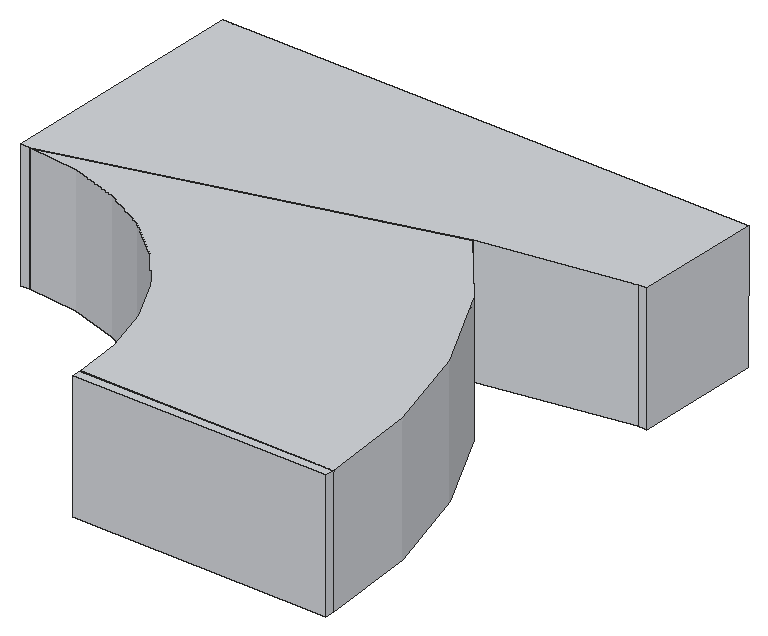
Revit family "M_Y de raio retangular suave - DTL", category Conexões de duto, Revit 2019
Family settings
  Cota do conector redondo = Utilizar diâmetro
  Tipo de parte = Ipsílon
  Número OmniClass = 23.75.70.14
  Título OmniClass = Air Ductwork
  ID de item do Seek = Rectangular Smooth Radius Wye - DTL-0000-CAN-ENU
  Com base no plano de trabalho = Não
  Sempre na vertical = Sim
  Corte com vazios quando carregada = Não
  Compartilhado = Não
Parameters (values of type "Padrão")
  Legenda da saída reta à direita [instance] = if(Saída reta à direita = 0 mm, 1.587 mm, Saída reta à direita)  # 38 mm
  Legenda da saída reta à esquerda [instance] = if(Saída reta à esquerda = 0 mm, 1.587 mm, Saída reta à esquerda)  # 38 mm
  Legenda da entrada reta [instance] = if(Entrada reta = 0 mm, 1.587 mm, Entrada reta)  # 38 mm
  Comprimento do vazio 4 [instance] = if(Mudança superior à esquerda > 0 mm, Entrada de profundidade / 2 + Mudança superior à esquerda, Entrada de profundidade / 2)  # 250 mm
  Comprimento do vazio 3 [instance] = if(Mudança inferior à esquerda < 0 mm, Entrada de profundidade / 2 + abs(Mudança inferior à esquerda), Entrada de profundidade / 2)  # 250 mm
  Comprimento do vazio 2 [instance] = if(Mudança superior à direita > 0 mm, Entrada de profundidade / 2 + Mudança superior à direita, Entrada de profundidade / 2)  # 250 mm
  Comprimento do vazio 1 [instance] = if(Mudança inferior à direita < 0 mm, Entrada de profundidade / 2 + abs(Mudança inferior à direita), Entrada de profundidade / 2)  # 250 mm
  Legenda do comprimento [instance] = if(Comprimento > sqrt((Raio da ramificação + Saída da largura à direita) ^ 2 - (Entrada de largura - Legenda da largura da ramificação + Raio da ramificação) ^ 2) + 3.175 mm, Comprimento, sqrt((Raio da ramificação + Saída da largura à direita) ^ 2 - (Entrada de largura - Legenda da largura da ramificação + Raio da ramificação) ^ 2) + 3.175 mm)  # 2000 mm
  C3 Comprimento 2 [instance] = Raio da ramificação + Entrada de largura / 2 - cos(Ângulo) * Raio da ramificação 1 + sin(Ângulo) * Legenda da saída reta à direita  # 1538 mm
  C3 Comprimento 1 [instance] = sin(Ângulo) * Raio da ramificação 1 + cos(Ângulo) * Legenda da saída reta à direita  # 1500 mm
  C3 Deslocamento da altura [instance] = C1 Deslocamento da altura + C3 Legenda do deslocamento da altura  # 3048 mm
  Legenda da largura da ramificação [instance] = if(Largura da ramificação < Entrada de largura - Saída da largura à direita + 3.175 mm, Entrada de largura - Saída da largura à direita + 3.175 mm, if(Largura da ramificação > Entrada de largura, Entrada de largura, Largura da ramificação))  # 600 mm
  Comprimento da ramificação [instance] = if((Raio da ramificação + Saída da largura à direita) > (Raio da ramificação + Entrada de largura - Legenda da largura da ramificação), sqrt((Raio da ramificação + Saída da largura à direita) ^ 2 - (Raio da ramificação + Entrada de largura - Legenda da largura da ramificação) ^ 2) + Legenda da entrada reta, Legenda da entrada reta)  # 1466.286 mm
  C3 Legenda do deslocamento da altura [instance] = -Mudança inferior à direita + Entrada de profundidade / 2 - Saída da profundidade à direita / 2  # 0 mm
  Deslocamento da altura 2 [instance] = C1 Deslocamento da altura - Entrada de profundidade / 2 - Mudança superior à esquerda * (Comprimento da ramificação - Legenda da entrada reta) / Legenda do comprimento  # 2798 mm
  Deslocamento da altura 1 [instance] = C1 Deslocamento da altura + Entrada de profundidade / 2 - Mudança inferior à esquerda * (Comprimento da ramificação - Legenda da entrada reta) / Legenda do comprimento  # 3298 mm
  Mudança superior à direita [instance] = 0 mm
  Mudança superior à esquerda [instance] = 0 mm
  Saída reta à direita [instance] = 38 mm
  Saída reta à esquerda [instance] = 38 mm
  C2 Comprimento da altura [instance] = 3048 mm - (Saída da profundidade à esquerda / 2 - Entrada de profundidade / 2 + Mudança inferior à esquerda) / 2  # 3048 mm
  C1 Deslocamento da altura [instance] = 3048 mm + (Saída da profundidade à esquerda / 2 - Entrada de profundidade / 2 + Mudança inferior à esquerda) / 2  # 3048 mm
  Raio da ramificação 1 [instance] = Raio da ramificação + Saída da largura à direita / 2  # 1500 mm
  Comprimento [instance] = 2000 mm
  Ponto de inserção 2 [instance] = (Raio da ramificação + Saída da largura à direita / 2) * tan(Ângulo / 2) - (Entrada de largura - Ponto de inserção 1 - Saída da largura à direita / 2) * tan(90.00° - Ângulo)  # 1500 mm
  Mudança inferior à direita [instance] = -Saída da profundidade à direita + Entrada de profundidade + Mudança superior à direita  # 0 mm
  Mudança inferior à esquerda [instance] = -Saída da profundidade à esquerda + Entrada de profundidade + Mudança superior à esquerda  # 0 mm
  Saída da profundidade à direita [instance] = 500 mm
  Saída da profundidade à esquerda [instance] = 500 mm
  Largura da ramificação [instance] = 600 mm
  Raio da ramificação [instance] = 1000 mm
  Saída da largura à esquerda [instance] = 500 mm
  built-in parameter 1114242 [instance] = (empty or 0)
  Saída da largura à direita [instance] = 1000 mm
  Entrada de largura [instance] = 1000 mm
  Entrada de profundidade [instance] = 500 mm
  Entrada reta [instance] = 38 mm
  Ponto de inserção 1 [instance] = (Entrada de largura + Saída da largura à esquerda) / 4  # 375 mm
  Assembly Code = ""
  Ângulo [instance] = 90.00°
Reference planes
  plane 1 "Centro (Frente/Trás)": y = 0
  plane 2: z = 0
  plane 3 "Centro (Esquerda/Direita)": x = 0
  plane 4: y = 375
  plane 5 "Saída da largura à esquerda": y = -125
  plane 6: y = -125
  plane 7 "Entrada de largura": y = -625
  plane 8: y = 125
  plane 9: x = -1500
  plane 10 "Centro": y = -1625
  plane 11: y = -125
  plane 12: x = -1538
  plane 13: x = 500
  plane 14: x = -71.714
  plane 15: x = 538
  plane 16: z = -3048
  plane 17: z = 0
  plane 18: z = 0
  plane 19: z = 250
  plane 20: z = -250
  plane 21: z = -250
  plane 22: z = 250
  plane 23: z = 250
  plane 24: z = -250
  plane 25: z = 250
  plane 26: z = -250
  plane 27 "Largura da ramificação": y = -225
  plane 28: y = 1375
  plane 29: x = -500
  plane 30: x = 500
  plane 31 "Comprimento 1": z = 250
  plane 32 "Comprimento 2": z = -250
  plane 33: y = 375
  plane 34: x = 0
  plane 35: y = -1663
  plane 36: z = 0
  plane 37: z = -250
  plane 38: z = 250
  plane 39: y = -1163
  plane 40: y = -663
Forms (mm)
  Extrusion 1, solid, detail levels medium+fine
    sketch origin (0, 0, 0) x (0, 1, 0) y (0, 0, 1)
      loop
        line (375, 250) -> (-625, 250) -> (-625, -250) -> (375, -250) -> (375, 250)
    from -1538 to -1500
  Extrusion 2, solid, detail levels medium+fine
    sketch origin (0, 0, 0) x (0, 1, 0) y (0, 0, 1)
      loop
        line (375, 250) -> (-125, 250) -> (-125, -250) -> (375, -250) -> (375, 250)
    from 500 to 538
  Extrusion 3, void
    sketch origin (-1500, 1524, 1219.2) x (0, 1, 0) y (0, 0, 1)
      loop
        line (-149, -969.2) -> (-1149, -969.2) -> (-1149, -1469.2) -> (-149, -1469.2) -> (-149, -969.2)
    from 0 to 2000
  Blend 4, solid, not visible
    base sketch origin (-1500, 1524, 1219.2) x (0, 1, 0) y (0, 0, 1)
      loop
        line (-1149, -1219.2) -> (-1649, -1219.2) -> (-1649, -1469.2) -> (-1149, -1469.2) -> (-1149, -1219.2)
    top sketch origin (-1500, 1524, 1219.2) x (0, 1, 0) y (0, 0, 1)
      loop
        line (-2687, -1219.2) -> (-3187, -1219.2) -> (-3187, -1469.2) -> (-2687, -1469.2) -> (-2687, -1219.2)
    from -38 to 1500
  Blend 5, solid, not visible
    base sketch origin (-1500, 1524, 1219.2) x (0, 1, 0) y (0, 0, 1)
      loop
        line (-1649, -1469.2) -> (-1149, -1469.2) -> (-1149, -1219.2) -> (-1649, -1219.2) -> (-1649, -1469.2)
    top sketch origin (-1500, 1524, 1219.2) x (0, 1, 0) y (0, 0, 1)
      loop
        line (-1149, -1219.2) -> (-1399, -1219.2) -> (-1399, -1469.2) -> (-1149, -1469.2) -> (-1149, -1219.2)
    from -38 to 2038
  Blend 6, solid, detail levels medium+fine
    base sketch origin (-1500, 1404.306, 0) x (0, -1, 0) y (0, 0, 1)
      loop
        line (1029.306, 250) -> (1029.306, -250) -> (2029.306, -250) -> (2029.306, 250) -> (1029.306, 250)
    top sketch origin (-71.714, 460.077, 0) x (0, -1, 0) y (0, 0, 1)
      loop
        line (85.077, 250) -> (85.077, -250) -> (685.077, -250) -> (685.077, 250) -> (85.077, 250)
    from 0 to 0
  Blend 7, solid, detail levels medium+fine
    base sketch origin (500, -222.914, 0) x (0, -1, 0) y (0, 0, 1)
      loop
        line (-597.914, 250) -> (-597.914, -250) -> (-97.914, -250) -> (-97.914, 250) -> (-597.914, 250)
    top sketch origin (-71.714, 460.077, 0) x (0, -1, 0) y (0, 0, 1)
      loop
        line (85.077, 250) -> (85.077, -250) -> (685.077, -250) -> (685.077, 250) -> (85.077, 250)
    from 0 to 0
  SweptBlend 8, solid, detail levels medium+fine
    path in 3D
      loop
        arc (-1500, -125, 0) -> (-439.34, -564.34, 0) -> (0, -1625, 0) r 1500
    profile "M_Duto - Retangular : Duto - Retangular 2" origin (-1500, -125, 0) x (0, 1, 0) y (0, 0, 1)
      loop
        line (-500, 250) -> (-500, -250) -> (500, -250) -> (500, 250) -> (-500, 250)
    end profile "M_Duto - Retangular : Duto - Retangular 1" origin (0, -1625, 0) x (1, 0, 0) y (0, 0, 1)
      loop
        line (-500, 250) -> (-500, -250) -> (500, -250) -> (500, 250) -> (-500, 250)
  Sweep 9, solid, detail levels medium+fine
    path in 3D
      loop
        line (0, -1663, 0) -> (0, -1625, 0)
    profile "M_Duto - Retangular : Duto - Retangular 1" origin (0, -1644, 0) x (-1, 0, 0) y (0, 0, 1)
      loop
        line (-500, 250) -> (-500, -250) -> (500, -250) -> (500, 250) -> (-500, 250)
Cuts and joins
  joined: Extrusion 1, Extrusion 2, Blend 6, Blend 7
  Extrusion 3 cuts SweptBlend 8
Lines and regions (mm)
  reference lines
    curve 1: line (-1500, -1625, 116.127) -> (-1500, -1625, -464.073)
    curve 2: line (-71.714, 460.077, 0) -> (-71.714, 34.277, 0)
    curve 3: line (-1500, 1404.306, 0) -> (-1500, 251.906, 0)
    curve 4: line (500, -222.914, 0) -> (500, -1535.495, 0)
    curve 5: arc (-1500, -125, 0) -> (-439.34, -564.34, 0) -> (0, -1625, 0) r 1500
    curve 6: line (0, -1663, 0) -> (0, -1625, 0)
  sketch lines
    curve 7: arc (-1500, -125, 0) -> (-439.34, -564.34, 0) -> (0, -1625, 0) r 1500
    curve 8: line (0, -1663, 0) -> (0, -1625, 0)
  model lines, detail levels coarse
    curve 9: line (538, 125, 0) -> (-1538, -125, 0)
    curve 10: line (0, -1663, 0) -> (-1538, -125, 0)
Dimensions and locks
  "Ponto de inserção 1": plane 4 to plane 1 "Centro (Frente/Trás)"
  equal spacing: plane 4, plane 6, plane 7 "Entrada de largura"
  "Entrada de largura": plane 4 to plane 7 "Entrada de largura"
  equal spacing: plane 4, plane 8, plane 5 "Saída da largura à esquerda"
  "Saída da largura à esquerda": plane 4 to plane 5 "Saída da largura à esquerda"
  "Raio da ramificação": plane 7 "Entrada de largura" to plane 10 "Centro"
  "Ponto de inserção 2": plane 9 to plane 3 "Centro (Esquerda/Direita)"
  "Legenda da entrada reta": plane 12 to plane 9
  "Legenda do comprimento": plane 9 to plane 13
  "Legenda da saída reta à esquerda": plane 13 to plane 15
  "Comprimento da ramificação": plane 12 to plane 14
  locked: plane 16 to plane 2 at 3048
  "C1 Deslocamento da altura": plane 17 to plane 16
  "C2 Comprimento da altura": plane 18 to plane 16
  equal spacing: plane 19, plane 17, plane 20
  "Entrada de profundidade": plane 19 to plane 20
  equal spacing: plane 21, plane 18, plane 22
  "Saída da profundidade à esquerda": plane 21 to plane 22
  "Deslocamento da altura 1": plane 23 to plane 16
  "Deslocamento da altura 2": plane 24 to plane 16
  "Raio da ramificação 1": plane 11 to plane 10 "Centro"
  equal spacing: plane 25, plane 17, plane 26
  "Saída da profundidade à direita": plane 25 to plane 26
  "Legenda da largura da ramificação": plane 4 to plane 27 "Largura da ramificação"
  "Saída da largura à direita": plane 28 to plane 4
  "Raio da ramificação": plane 9 to plane 29
  "Saída da largura à direita": plane 29 to plane 30
  "Comprimento do vazio 1": plane 31 "Comprimento 1" to plane 17
  "Comprimento do vazio 2": plane 17 to plane 32 "Comprimento 2"
  "Saída da largura à direita": plane 33 to plane 7 "Entrada de largura"
  "C3 Comprimento 1": plane 9 to plane 34
  "C3 Comprimento 2": plane 6 to plane 35
  "C3 Deslocamento da altura": plane 36 to plane 16
  equal spacing: plane 38, plane 36, plane 37
  "Saída da profundidade à direita": plane 38 to plane 37
  equal spacing: plane 40, plane 39, plane 35
  "Entrada de largura": plane 40 to plane 35
  "Legenda da saída reta à direita": curve 6 to curve 6
  "Raio da ramificação 1": radius of curve 5
  "Ângulo": angle curve 5 to curve 5
  "Ângulo": angle curve 6 to plane 35
  aligned and locked: Extrusion 1 sketch curve to plane 4
  aligned and locked: plane 7 "Entrada de largura" to Extrusion 1 sketch curve
  aligned and locked: Extrusion 1 sketch curve to plane 19
  aligned and locked: plane 20 to Extrusion 1 sketch curve
  aligned and locked: Extrusion 1 to plane 12
  aligned and locked: plane 9 to Extrusion 1
  aligned and locked: plane 22 to Extrusion 2 sketch curve
  aligned and locked: plane 21 to Extrusion 2 sketch curve
  aligned and locked: plane 5 "Saída da largura à esquerda" to Extrusion 2 sketch curve
  aligned and locked: Extrusion 2 sketch curve to plane 4
  aligned and locked: plane 15 to Extrusion 2
  aligned and locked: Extrusion 2 to plane 13
  aligned and locked: plane 10 "Centro" to curve 1  (x2)
  aligned and locked: curve 1 to plane 9
  aligned and locked: Extrusion 3 sketch curve to plane 31 "Comprimento 1"
  aligned and locked: plane 32 "Comprimento 2" to Extrusion 3 sketch curve
  aligned and locked: Extrusion 3 sketch curve to plane 28
  aligned and locked: plane 4 to Extrusion 3 sketch curve
  aligned and locked: Extrusion 3 to plane 9
  aligned and locked: Blend 4 sketch curve to plane 17
  aligned and locked: plane 20 to Blend 4 sketch curve
  aligned and locked: plane 35 to Blend 4 sketch curve
  aligned and locked: Blend 4 sketch curve to plane 4
  aligned and locked: plane 6 to Blend 4 sketch curve
  aligned and locked: Blend 4 sketch curve to plane 36
  aligned and locked: plane 37 to Blend 4 sketch curve
  aligned and locked: plane 39 to Blend 4 sketch curve
  aligned and locked: Blend 4 to plane 34
  aligned and locked: Blend 4 to plane 12
  aligned and locked: Blend 5 sketch curve to Blend 4  (x4)
  aligned and locked: Blend 5 sketch curve to plane 18
  aligned and locked: plane 21 to Blend 5 sketch curve
  aligned and locked: Blend 5 sketch curve to plane 4
  aligned and locked: plane 8 to Blend 5 sketch curve
  aligned and locked: plane 15 to Blend 5
  aligned and locked: Blend 5 to plane 12
  aligned and locked: curve 2 to plane 14
  aligned and locked: curve 3 to plane 9
  aligned and locked: curve 4 to plane 13
  aligned and locked: plane 14 to Blend 6
  aligned and locked: Blend 6 to plane 9
  aligned and locked: plane 22 to Blend 7 sketch curve
  aligned and locked: plane 21 to Blend 7 sketch curve
  aligned and locked: Blend 7 sketch curve to plane 4
  aligned and locked: plane 5 "Saída da largura à esquerda" to Blend 7 sketch curve
  aligned and locked: Blend 7 to plane 14
  aligned and locked: plane 13 to Blend 7
  aligned and locked: Blend 6 sketch curve to plane 19
  aligned and locked: plane 20 to Blend 6 sketch curve  (x2)
  aligned and locked: Blend 6 sketch curve to plane 4
  aligned and locked: plane 7 "Entrada de largura" to Blend 6 sketch curve
  aligned and locked: plane 19 to Blend 6 sketch curve
  aligned and locked: plane 4 to Blend 6 sketch curve  (x2)
  aligned and locked: plane 27 "Largura da ramificação" to Blend 6 sketch curve  (x2)
  aligned and locked: plane 23 to Blend 6 sketch curve
  aligned and locked: plane 24 to Blend 6 sketch curve
  aligned and locked: plane 4 to Blend 7 sketch curve  (x2)
  aligned and locked: plane 27 "Largura da ramificação" to Blend 7 sketch curve  (x2)
  aligned and locked: plane 23 to Blend 7 sketch curve
  aligned and locked: plane 24 to Blend 7 sketch curve
  aligned and locked: plane 19 to Blend 7 sketch curve
  aligned and locked: plane 20 to Blend 7 sketch curve
  aligned and locked: plane 9 to Blend 6
  aligned and locked: plane 14 to Blend 7  (x3)
  aligned and locked: Blend 6 to plane 14
  aligned and locked: Blend 7 to plane 13
  aligned and locked: plane 13 to Extrusion 2
  aligned and locked: plane 30 to Extrusion 3
  aligned and locked: curve 5 to plane 9
  aligned and locked: plane 9 to curve 5
  aligned and locked: plane 35 to curve 6
  aligned and locked: curve 9 to Blend 5
  aligned and locked: plane 12 to curve 9
  aligned and locked: plane 15 to curve 9
  aligned and locked: curve 10 to Blend 4
  aligned and locked: plane 12 to curve 10
  aligned and locked: plane 34 to curve 10
Automatic sketch dimensions
  curve 1 to plane 20 = 214.073 mm
  level to curve 1 = 116.127 mm
  plane 10 "Centro" to curve 4 = 89.505 mm
  plane 27 "Largura da ramificação" to curve 4 = 2.086 mm
  curve 2 to plane 1 "Centro (Frente/Trás)" = 34.277 mm
  curve 3 to plane 4 = 123.094 mm
  plane 4 to curve 2 = 85.077 mm
  plane 28 to curve 3 = 29.306 mm
  curve 9 to Blend 5 = 0 mm  (x2)
  curve 10 to Blend 4 = 0 mm  (x2)
Connectors
  hvac at (-1538, -125, 0), driven by "Entrada de profundidade", driven by "Entrada de largura"
    settings: on cut or joined group of Extrusion 1, Extrusion 2, Blend 6, Blend 7, index 1, duct flow 0.0 L/s, flow factor 0, pres drop 0.0 Pa, loss coef 0, conn angle 0.00°, conn width 1000 mm, conn height 500 mm, conn diameter 609.6 mm, duct sys type 28, conn prof type 1, flow config 0, flow direction 0, loss method 0, conn ref index 2, conn util no, is conn primary yes, conn desc ""
  hvac at (538, 125, 0), driven by "Saída da profundidade à esquerda", driven by "Saída da largura à esquerda"
    settings: on cut or joined group of Extrusion 1, Extrusion 2, Blend 6, Blend 7, index 2, duct flow 0.0 L/s, flow factor 0, pres drop 0.0 Pa, loss coef 0, conn angle 0.00°, conn width 500 mm, conn height 500 mm, conn diameter 609.6 mm, duct sys type 28, conn prof type 1, flow config 0, flow direction 0, loss method 0, conn ref index 1, conn util no, is conn primary no, conn desc ""
  hvac at (0, -1663, 0), driven by "Saída da profundidade à direita", driven by "Saída da largura à direita", driven by "Ângulo"
    settings: on Sweep 9, index 3, duct flow 0.0 L/s, flow factor 0, pres drop 0.0 Pa, loss coef 0, conn angle 90.00°, conn width 1000 mm, conn height 500 mm, conn diameter 609.6 mm, duct sys type 28, conn prof type 1, flow config 0, flow direction 0, loss method 0, conn ref index -1, conn util no, is conn primary no, conn desc ""
